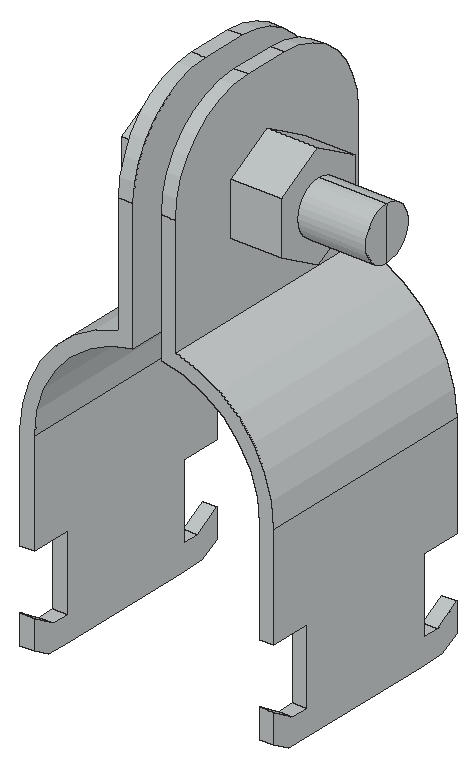
Revit family "universal strut clamp-7872", category Pipe Accessories, host Face, Revit 2018
Family settings
  Host = Face
  Round Connector Dimension = Use Diameter
  Part Type = Normal
  Cut with Voids When Loaded = No
  Shared = No
Parameters
  Weight [instance] = size_lookup(LookupTable, "Weight", "NA", Nominal Diameter)  # "0 lbs."
  W = 1.250"  # constant formula
  URL = "http://www.fnw.com"
  STW = 1.625"  # constant formula
  Product ID [instance] = size_lookup(LookupTable, "ProductID", "NA", Nominal Diameter)  # "3625868"
  Part Number [instance] = size_lookup(LookupTable, "PartNumber", "NA", Nominal Diameter)  # "FNW7874Z0100"
  LookupTable = "7874-Universal-Strut-Clamp"  # constant formula
  L2 [instance] = (C - (L1 + A)) / 2  # 0.6055"
  L1 = 0.500"  # constant formula
  HR = 0.144"  # constant formula
  HH = 0.408"  # constant formula
  HD = 0.330"  # constant formula
  GAP78 = 0.875"  # constant formula
  Description BOM [instance] = size_lookup(LookupTable, "Description_BOM", "NA", Nominal Diameter)  # "1 Plated Universal Strut Clamp W/HDWR"
  C [instance] = size_lookup(LookupTable, "C", 0.000", Nominal Diameter)  # 2.950"
  AMTR [instance] = AMT / 2  # 0.6975"
  AMT [instance] = A + (MT * 2)  # 1.395"
  AH [instance] = A / 2  # 0.6195"
  A [instance] = size_lookup(LookupTable, "OD", 0.000", Nominal Diameter)  # 1.239"
  Nominal Diameter [instance] = 1"
  MT [instance] = size_lookup(LookupTable, "MT", 0.000", Nominal Diameter)  # 0.078"
  Default Elevation = 48.000"
Reference planes (in)
  plane 1 "Center (Front/Back)": y = 0
  plane 2: z = 0
  plane 3 "Center (Left/Right)": x = 0
  plane 4: z = 1.239
  plane 5: z = -0.5
  plane 6: z = -0.875
  plane 7: y = 0.625
  plane 8: y = -0.625
  plane 9: z = 0.6195
  plane 10: x = -0.078
  plane 11: x = 0.078
  plane 12: x = -0.6195
  plane 13: x = 0.6195
  plane 14: x = -0.6975
  plane 15: x = 0.6975
  plane 16: x = -0.156
  plane 17: x = 0.156
  plane 18: z = 2.45
  plane 19: z = -0.28125
  plane 20: y = 0.4375
  plane 21: y = -0.4375
  plane 22: y = 0.8125
  plane 23: y = -0.8125
  plane 24: z = 1.95
  plane 25: x = 0.408
  plane 26: x = -0.408
  plane 27: z = 1.8445
  plane 28: z = 1.8445
  plane 29: z = 1.8445
Forms (in)
  Extrusion 1, solid, material "Steel, Galvanized"
    sketch origin (0, 0, 0) x (1, 0, 0) y (0, 0, 1)
      loop
        line (-0.6975, -0.5) -> (-0.6195, -0.5) -> (-0.6195, 0.6195)
        arc (-0.6195, 0.6195) -> (-0.46481, 1.02905) -> (-0.078, 1.23407) r 0.6195
        line (-0.078, 1.23407) -> (-0.078, 2.45) -> (-0.156, 2.45) -> (-0.156, 1.29933)
        arc (-0.156, 1.29933) -> (-0.54558, 1.05407) -> (-0.6975, 0.6195) r 0.6975
        line (-0.6975, 0.6195) -> (-0.6975, -0.5)
      loop
        line (0.6975, -0.5) -> (0.6975, 0.6195)
        arc (0.6975, 0.6195) -> (0.54558, 1.05407) -> (0.156, 1.29933) r 0.6975
        line (0.156, 1.29933) -> (0.156, 2.45) -> (0.078, 2.45) -> (0.078, 1.23407)
        arc (0.078, 1.23407) -> (0.46481, 1.02905) -> (0.6195, 0.6195) r 0.6195
        line (0.6195, 0.6195) -> (0.6195, -0.5) -> (0.6975, -0.5)
    from -0.625 to 0.625
  Extrusion 2, void
    sketch origin (0, 0, 0) x (0, 1, 0) y (0, 0, 1)
      loop
        line (0.8125, 0.05094) -> (0.3988, 0.05094) -> (0.3988, -0.35952) -> (0.49487, -0.35952) -> (0.625, -0.28125) -> (0.625, -0.44105) -> (0.52698, -0.5) -> (0.3988, -0.5) -> (0.3988, -0.68001) -> (0.8125, -0.68001) -> (0.8125, 0.05094)
      loop
        line (-0.8125, 0.05094) -> (-0.8125, -0.68001) -> (-0.3988, -0.68001) -> (-0.3988, -0.5) -> (-0.52698, -0.5) -> (-0.625, -0.44105) -> (-0.625, -0.28125) -> (-0.49487, -0.35952) -> (-0.3988, -0.35952) -> (-0.3988, 0.05094) -> (-0.8125, 0.05094)
    from -0.6975 to 0.6975
  Extrusion 3, void
    sketch origin (0, 0, 0) x (0, 1, 0) y (0, 0, 1)
      loop
        arc (-0.625, 1.95) -> (-0.47855, 2.30355) -> (-0.125, 2.45) r 0.5
        line (-0.125, 2.45) -> (0.125, 2.45)
        arc (0.125, 2.45) -> (0.47855, 2.30355) -> (0.625, 1.95) r 0.5
        line (0.625, 1.95) -> (0.9575, 1.95) -> (0.9575, 2.95) -> (-0.9575, 2.95) -> (-0.9575, 1.95) -> (-0.625, 1.95)
      loop
        circle (0, 1.84143) r 0.165
    from -0.6975 to 0.6975
  Revolve 4, solid, material "Steel, Galvanized"
    sketch origin (0, 0, 0) x (1, 0, 0) y (0, 0, 1)
      loop
        line (-0.156, 1.8445) -> (0.816, 1.8445) -> (0.816, 1.9885) -> (-0.156, 1.9885) -> (-0.156, 1.8445)
      axis (-0.156, 1.8445) -> (0.816, 1.8445)
    angle from 0 to 360
Cuts and joins
  Extrusion 2, Extrusion 3 cuts Extrusion 1
Lines and regions (in)
  reference lines
    curve 1: line (-0.6195, 0, 0.6195) -> (0.6195, 0, 0.6195)
    curve 2: line (0, 0, 1.239) -> (0, 0, 0)
Dimensions and locks (in)
  "A": plane 4 to plane 2
  "L1": plane 2 to plane 5
  plane 2 to plane 6 = 0.875"
  equal spacing: plane 7, plane 1 "Center (Front/Back)", plane 8
  "W": plane 7 to plane 8
  "AH": plane 9 to plane 2
  "MT": plane 11 to plane 3 "Center (Left/Right)"
  "MT": plane 3 "Center (Left/Right)" to plane 10
  equal spacing: plane 13, plane 3 "Center (Left/Right)", plane 12
  "A": plane 13 to plane 12
  "MT": plane 12 to plane 14
  "MT": plane 13 to plane 15
  "MT": plane 10 to plane 16
  "MT": plane 17 to plane 11
  "C": plane 18 to plane 5
  plane 2 to plane 19 = 0.28125"
  equal spacing: plane 20, plane 1 "Center (Front/Back)", plane 21
  "GAP78": plane 20 to plane 21
  equal spacing: plane 22, plane 1 "Center (Front/Back)", plane 23
  "STW": plane 22 to plane 23
  "L1": plane 24 to plane 18
  equal spacing: Extrusion 3 sketch curve, plane 1 "Center (Front/Back)", Extrusion 3 sketch curve
  "L1": plane 18 to Extrusion 3 sketch curve
  "HH": plane 25 to plane 3 "Center (Left/Right)"
  "HH": plane 3 "Center (Left/Right)" to plane 26
  "L2": plane 18 to Revolve 4 sketch curve
  "HH": Revolve 4 sketch curve to plane 25
  "L2": plane 18 to plane 27
  "HR": Revolve 4 sketch curve to plane 27
  "L2": plane 28 to plane 18
  "L2": plane 29 to plane 18
  "A": diameter of Extrusion 1 sketch curve  (x2)
  "AMTR": radius of Extrusion 1 sketch curve  (x2)
  "HD": diameter of Extrusion 3 sketch curve
  aligned and locked: plane 2 to host face
  aligned and locked: level to host face
  aligned and locked: Extrusion 1 sketch curve to plane 15
  aligned and locked: plane 5 to Extrusion 1 sketch curve
  aligned and locked: Extrusion 1 sketch curve to plane 5
  aligned and locked: plane 14 to Extrusion 1 sketch curve
  aligned and locked: Extrusion 1 sketch curve to plane 12
  aligned and locked: Extrusion 1 sketch curve to plane 17
  aligned and locked: plane 11 to Extrusion 1 sketch curve
  aligned and locked: Extrusion 1 sketch curve to plane 10
  aligned and locked: Extrusion 1 sketch curve to plane 16
  aligned and locked: plane 18 to Extrusion 1 sketch curve  (x2)
  aligned and locked: plane 9 to Extrusion 1 sketch curve  (x4)
  aligned and locked: plane 7 to Extrusion 1
  aligned and locked: plane 8 to Extrusion 1
  aligned and locked: Extrusion 2 to plane 14
  aligned and locked: Extrusion 2 to plane 15
  aligned and locked: Extrusion 3 to plane 14
  aligned and locked: plane 15 to Extrusion 3
  aligned and locked: Revolve 4 sketch curve to plane 16
  aligned and locked: curve 1 to plane 9
  aligned and locked: curve 2 to plane 3 "Center (Left/Right)"
  aligned and locked: nested 1 to plane 28
  aligned and locked: plane 28 to nested 2
Automatic sketch dimensions
  host sketch curve to host sketch curve = 96.000"  (x2)
  Extrusion 2 sketch curve to plane 23 = 0.000"
  Extrusion 2 sketch curve to plane 8 = 0.000"
  Extrusion 2 sketch curve to plane 5 = 0.000"  (x2)
  Extrusion 2 sketch curve to plane 7 = 0.000"
  Extrusion 2 sketch curve to plane 22 = 0.000"
  Extrusion 2 sketch curve to plane 19 = 0.000"  (x2)
  plane 21 to Extrusion 2 sketch curve = 0.08948"
  plane 21 to Extrusion 2 sketch curve = 0.05737"
  Extrusion 2 sketch curve to plane 21 = 0.0387"  (x2)
  plane 20 to Extrusion 2 sketch curve = 0.0387"  (x2)
  Extrusion 2 sketch curve to plane 20 = 0.05737"
  Extrusion 2 sketch curve to plane 20 = 0.08948"
  Extrusion 2 sketch curve to Extrusion 2 sketch curve = 0.18001"
  Extrusion 2 sketch curve to plane 5 = 0.18001"
  plane 5 to Extrusion 2 sketch curve = 0.05895"  (x2)
  Extrusion 2 sketch curve to plane 19 = 0.07827"  (x2)
  level to Extrusion 2 sketch curve = 0.05094"  (x2)
  curve 1 to plane 12 = 0.000"
  plane 13 to curve 1 = 0.000"
  curve 2 to level = 0.000"
  curve 2 to plane 4 = 0.000"
  Extrusion 1 sketch curve to Extrusion 1 sketch curve = 0.000"
  Extrusion 3 sketch curve to plane 24 = 0.000"  (x2)
  Extrusion 3 sketch curve to plane 8 = 0.000"
  plane 18 to Extrusion 3 sketch curve = 0.000"
  Extrusion 3 sketch curve to plane 1 "Center (Front/Back)" = 0.000"
  Extrusion 3 sketch curve to plane 7 = 0.000"
  plane 23 to Extrusion 3 sketch curve = 0.145"
  plane 28 to Extrusion 3 sketch curve = 0.00307"
  Revolve 4 sketch curve to plane 26 = 0.000"
  Revolve 4 sketch curve to plane 27 = 0.000"
  Revolve 4 sketch curve to Revolve 4 sketch curve = 1.20882"
Nested families (in)
  nested 1: "Gen HHG" at (-0.156, 0, 1.8445) x (0, 0, 1) z (-1, 0, 0), type "Gen HHG"
  nested 2: "Gen HHG" at (0.156, 0, 1.8445) x (0, 0, -1) z (1, 0, 0), type "Gen HHG"
Definition of nested family "Gen HHG"
  Parameters (values of type "Gen HH")
    Default Elevation = 48.000"
  Reference planes (in)
    plane 1 "Center (Front/Back)": y = 0
    plane 2: z = 0
    plane 3 "Center (Left/Right)": x = 0
    plane 4: x = 0
  Forms (in)
    Extrusion 1, solid
      sketch origin (0, 0, 0) x (1, 0, 0) y (0, 1, 0)
        loop
          line (-48, 48) -> (-48, -48) -> (48, -48) -> (48, 48) -> (-48, 48)
      from 0 to -12
    Extrusion 2, solid
      sketch origin (-1.32, 0, 0.408) x (1, 0, 0) y (0, 1, 0)
        loop
          line (1.17566, -0.25) -> (1.46434, -0.25) -> (1.60868, 0) -> (1.46434, 0.25) -> (1.17566, 0.25) -> (1.03132, 0) -> (1.17566, -0.25)
      from -0.408 to -0.126
  Lines and regions (in)
    reference lines
      curve 1: line (-0.20085, 0, 0) -> (0.19471, 0, 0)
      curve 2: line (0, 0.15223, 0) -> (0, -0.16686, 0)
  Dimensions and locks (in)
    aligned and locked: plane 2 to Extrusion 1
    aligned and locked: level to Extrusion 1
